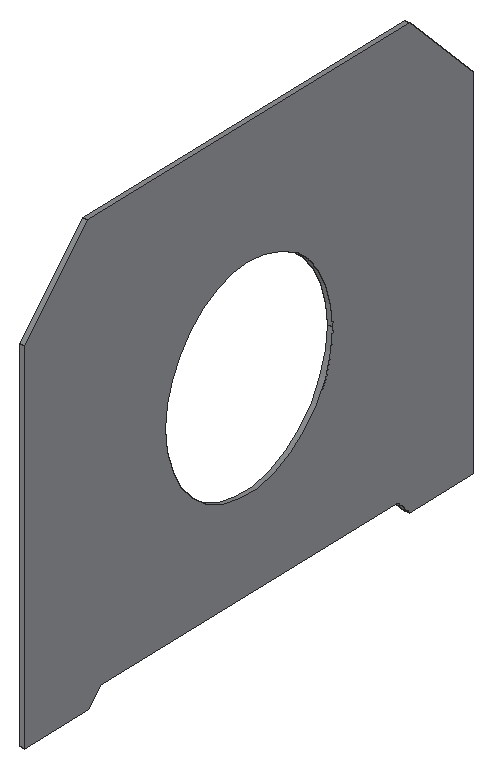
Revit family "X-Connection-Bracket-Steel & Tube-Speed Channel", category Structural Connections, host Face, Revit 2018
Family settings
  Host = Face
  Material for Model Behavior = Steel
  OmniClass Number = 23.25.05.17.11
  OmniClass Title = Column Bases
  Enable cutting in views = Yes
  Cut with Voids When Loaded = No
  Shared = Yes
Parameters (values of type "Standard")
  Width_ANZRS [instance] = if(Fastbrace, 84 mm, 65 mm)  # 84 mm
  WeightNet_ANZRS [instance] = if(Fastbrace, if(Beam Size = 152 mm, 0.163 kg, if(Beam Size = 203 mm, 0.221 kg, if(Beam Size = 250 mm, 0.279 kg, if(Beam Size = 300 mm, 0.337 kg, 0.00 kg)))), if(Beam Size = 152 mm, 0.186 kg, if(Beam Size = 203 mm, 0.244 kg, if(Beam Size = 250 mm, 0.305 kg, if(Beam Size = 300 mm, 0.362 kg, if(Beam Size = 350 mm, 0.417 kg, 0.476 kg))))))  # 0.163 kg
  Uniclass2015Version = "2015"  # constant formula
  Uniclass2015Title = "Cold-formed galvanized steel sections"  # constant formula
  Uniclass2015Code = "Pr_20_76_51_21"  # constant formula
  URL = "http://www.steelandtube.co.nz"
  Type Comments = "HST Steel Purlin Standard Cleat"  # constant formula
  Speedbrace End Identification [instance] = if(and(Adjustable, Fastbrace), "Type B", if(and(Adjustable, Standard), "Type C", if(and(not(Adjustable), Fastbrace), "Type A", "Type D")))  # "Type A"
  SpecificationReference = "3411ST"  # constant formula
  SpecificationDescription = "Steel & Tube Purlins & Girts"  # constant formula
  PlateThickness_ANZRS = 1 mm  # constant formula
  ModifiedIssue_ANZRS = 20160602.01  # constant formula
  Model = ""
  Material_ANZRS [instance] = Metal-Steel-450MPa
  Material Standard = "Steel & Tube’s HST purlins and Girts profiles are manufactured from materials conforming to AS1397:2011"  # constant formula
  ManufacturerURL = "http://www.steelandtube.co.nz"
  ManufacturerName = Manufacturer  # "Steel & Tube"
  Manufacturer = "Steel & Tube"  # constant formula
  Length_ANZRS [instance] = 10 mm  # constant formula
  Standard [instance] = not(Fastbrace)  # no
  Height_ANZRS [instance] = if(Fastbrace, if(Beam Size = 152 mm, 107 mm, if(Beam Size = 203 mm, 147 mm, if(Beam Size = 250 mm, 187 mm, if(Beam Size = 300 mm, 225 mm, 400 mm)))), if(Beam Size = 152 mm, 124 mm, if(Beam Size = 203 mm, 165 mm, if(Beam Size = 250 mm, 208 mm, if(Beam Size = 300 mm, 245 mm, if(Beam Size = 350 mm, 284 mm, 328 mm))))))  # 107 mm
  Fixed Offset [instance] = if(Adjustable, 100 mm, 0 mm)  # 0 mm
  Fixed Cut [instance] = if(Adjustable, 5 mm, 20 mm)  # 20 mm
  Fastbrace [instance] = yes
  Disclaimer [instance] = "Steel & Tube makes no representations or warranties about the information in this document, including (but not limited to) whether the information, and any materials referred to, are fit for purpose. The user is responsible for ensuring that the information, and any materials referred to, are fit for the purpose for which they are intended to be used. Except as required by law, Steel & Tube is not liable for any cost, loss, claim or expense incurred by any person as a result of any person using or relying on the information in this document."  # constant formula
  Design Standard = "Steel & Tube’s HST purlins and Girts profiles are designed in accordance with AS/NZS 4600:2005."  # constant formula
  Design Instruction = "All the design information should be cross referenced with the current Steel & Tube Purlins and Girts design guide, and AS/NZS 4600:2005"  # constant formula
  Description = "HST Steel Purlins and Girts are high strength lipped profile sections, providing an economic solution for your building project."  # constant formula
  Default Elevation = 0 mm
  CreatedBy_ANZRS = "Design Content"  # constant formula
  CreatedByURL_ANZRS = "http://www.designcontent.com.au"
  CBIDescription = "Structural steelwork"  # constant formula
  CBICode = "3411"  # constant formula
  Beam Size [instance] = 152 mm
  Assembly Code = "B1020230"
  Adjustable Offset [instance] = if(Adjustable, 0 mm, 100 mm)  # 100 mm
  Adjustable Cut [instance] = if(Adjustable, 20 mm, 5 mm)  # 5 mm
  Adjustable [instance] = no
Reference planes
  plane 1 "Center (Front/Back)": y = 0
  plane 2: z = 0
  plane 3 "Center (Left/Right)": x = 0
  plane 4 "Back": y = 53.5
  plane 5 "Front": y = -53.5
  plane 6 "Left": x = -5
  plane 7 "Right": x = 5
  plane 8 "Top": z = 84
  plane 9: x = -4
  plane 10: y = 35
  plane 11: y = -35
  plane 12: z = 40
  plane 13: z = 60
  plane 14: z = 20
  plane 15 "Adjustable Hook": x = -105
  plane 16 "Fixed": x = -5
Forms (mm)
  Extrusion 1, solid, material "Metal-Steel-450MPa" <- "Material_ANZRS", detail levels medium
    sketch origin (0, 0, 0) x (0, 1, 0) y (0, 0, 1)
      loop
        line (53.5, 0) -> (53.5, 69) -> (38.5, 84) -> (-38.5, 84) -> (-53.5, 69) -> (-53.5, 0) -> (-38.5, 0) -> (-35.5, 3) -> (35.5, 3) -> (38.5, 0) -> (53.5, 0)
    from -5 to -4
  Extrusion 2, solid, material "Metal-Steel-450MPa" <- "Material_ANZRS", detail levels fine
    sketch origin (0, 0, 0) x (0, 1, 0) y (0, 0, 1)
      loop
        line (53.5, 0) -> (53.5, 69) -> (38.5, 84) -> (-38.5, 84) -> (-53.5, 69) -> (-53.5, 0) -> (-38.5, 0) -> (-35.5, 3) -> (35.5, 3) -> (38.5, 0) -> (53.5, 0)
    from -5 to -4
  Extrusion 3, void
    sketch origin (-5, 1524, 1219.2) x (0, 1, 0) y (0, 0, 1)
      loop
        circle (-1524, -1179.2) r 20
    from 0 to 20 <- "Fixed Cut"
  Extrusion 4, void
    sketch origin (-105, 1524, 1219.2) x (0, 1, 0) y (0, 0, 1)
      loop
        line (-1483, -1193.2) -> (-1483, -1165.2)
        arc (-1483, -1165.2) -> (-1489, -1159.2) -> (-1495, -1165.2) r 6
        line (-1495, -1165.2) -> (-1495, -1193.2)
        arc (-1495, -1193.2) -> (-1489, -1199.2) -> (-1483, -1193.2) r 6
      loop
        arc (-1565, -1193.2) -> (-1559, -1199.2) -> (-1553, -1193.2) r 6
        line (-1553, -1193.2) -> (-1553, -1165.2)
        arc (-1553, -1165.2) -> (-1559, -1159.2) -> (-1565, -1165.2) r 6
        line (-1565, -1165.2) -> (-1565, -1193.2)
    from 0 to 5 <- "Adjustable Cut"
Cuts and joins
  Extrusion 3, Extrusion 4 cuts Extrusion 2
Dimensions and locks
  equal spacing: plane 5 "Front", plane 1 "Center (Front/Back)", plane 4 "Back"
  "Height_ANZRS": plane 5 "Front" to plane 4 "Back"
  equal spacing: plane 6 "Left", plane 3 "Center (Left/Right)", plane 7 "Right"
  "Length_ANZRS": plane 6 "Left" to plane 7 "Right"
  "Width_ANZRS": plane 8 "Top" to plane 2
  locked: plane 6 "Left" to plane 9 at 1
  plane 11 to plane 1 "Center (Front/Back)" to plane 10 = 35 mm locked, 35 mm locked
  equal spacing: plane 13, plane 12, plane 14
  locked: plane 13 to plane 14 at 40
  locked: plane 12 to plane 2 at 40
  plane 4 "Back" to Extrusion 1 sketch curve to Extrusion 1 sketch curve = 15 mm locked, 3 mm locked
  Extrusion 1 sketch curve to Extrusion 1 sketch curve to plane 5 "Front" = 3 mm locked, 15 mm locked
  locked: plane 8 "Top" to Extrusion 1 sketch curve at 15  (x2)
  locked: plane 4 "Back" to Extrusion 1 sketch curve at 15
  locked: Extrusion 1 sketch curve to plane 5 "Front" at 15
  locked: Extrusion 1 sketch curve to plane 2 at 3
  plane 4 "Back" to Extrusion 2 sketch curve to Extrusion 2 sketch curve = 15 mm locked, 3 mm locked
  Extrusion 2 sketch curve to Extrusion 2 sketch curve to plane 5 "Front" = 3 mm locked, 15 mm locked
  locked: Extrusion 2 sketch curve to plane 2 at 3
  locked: plane 4 "Back" to Extrusion 2 sketch curve at 15
  locked: Extrusion 2 sketch curve to plane 5 "Front" at 15
  locked: plane 8 "Top" to Extrusion 2 sketch curve at 15  (x2)
  locked: plane 13 to Extrusion 3 sketch curve at 0
  locked: plane 14 to Extrusion 3 sketch curve at 0
  Extrusion 4 sketch curve to plane 10 to Extrusion 4 sketch curve = 6 mm locked, 6 mm locked
  Extrusion 4 sketch curve to plane 11 to Extrusion 4 sketch curve = 6 mm locked, 6 mm locked
  plane 13 to Extrusion 4 sketch curve to Extrusion 4 sketch curve = 0 mm locked, 0 mm locked
  plane 14 to Extrusion 4 sketch curve to Extrusion 4 sketch curve = 0 mm locked, 0 mm locked
  "Fixed Offset": plane 6 "Left" to plane 16 "Fixed"
  "Adjustable Offset": plane 6 "Left" to plane 15 "Adjustable Hook"
  aligned and locked: plane 2 to host face
  aligned and locked: level to host face
  aligned and locked: plane 4 "Back" to Extrusion 1 sketch curve
  aligned and locked: Extrusion 1 sketch curve to plane 8 "Top"
  aligned and locked: Extrusion 1 sketch curve to plane 5 "Front"
  aligned and locked: plane 2 to Extrusion 1 sketch curve  (x2)
  aligned and locked: Extrusion 1 to plane 6 "Left"
  aligned and locked: plane 9 to Extrusion 1
  aligned and locked: plane 4 "Back" to Extrusion 2 sketch curve
  aligned and locked: Extrusion 2 sketch curve to plane 8 "Top"
  aligned and locked: Extrusion 2 sketch curve to plane 5 "Front"
  aligned and locked: plane 2 to Extrusion 2 sketch curve  (x2)
  aligned and locked: Extrusion 2 to plane 6 "Left"
  aligned and locked: plane 9 to Extrusion 2
  aligned and locked: plane 1 "Center (Front/Back)" to Extrusion 3 sketch curve
  aligned and locked: plane 10 to Extrusion 4 sketch curve  (x2)
  aligned and locked: plane 11 to Extrusion 4 sketch curve  (x2)
  aligned and locked: Extrusion 3 to plane 16 "Fixed"
  aligned and locked: Extrusion 4 to plane 15 "Adjustable Hook"
Automatic sketch dimensions
  host sketch curve to host sketch curve = 2438.4 mm  (x2)
